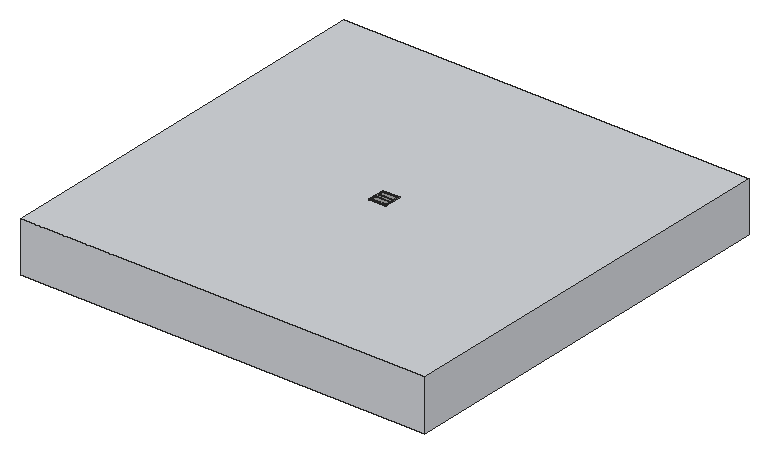
Revit family "LAMP_TRACE 100 IP65", category Modelos genéricos, Revit 2015
Parameters (values of type "68LM 3000 BLACK")
  Weight = 0.672 kg
  Type = "MID POWER OSRAM"
  Recessed dimensions = "107 x 135 x 112"
  Protection rating = "IP65 / IK07"
  Product datasheet = "http://www.lamp.es/product-files/TECH/TC110H0165SY830NB-EN.pdf"
  Product code = "TC110H0165SY830NB"
  Product URL = "https://www.lamp.es/en/family/trace-ip65_40800"
  Power Supply = "100-240V 50-60Hz"
  Power = 1 W
  Plum = 2.5 W
  Photometric web file = Cuerpo Trace 100 : 68LM 3000 BLACK
  Modelo = Product code  # "TC110H0165SY830NB"
  Manufacturer name = "LAMP"
  Manufacturer country = "Spain"
  Manufacturer URL = "http://www.lamp.es/en"
  MacAdam = "<3"
  Luminaire type = "Outdoor - Wall Mounted"
  Last update = "13/11/2020"
  Lamp = "MID-POWER LED"
  LED Lifetime = "100.000 L90 B10"
  Insulation class = "I"
  Installation instructions = "https://www.lamp.es/product-files/INS/1003820-A-INSTR.%20TRACE%20-%20IP%2065.pdf"
  Initial intensity = 68 lm
  Initial color = 3000 K
  IEE = "A++"
  Gear = "Electronic"
  Finish = "Cataphoresis"
  Fabricante = Manufacturer name  # "LAMP"
  Default Elevation = 1219.2 mm
  Efficacy = 27.2 lm/W
  Dimensions = "105 x 101 x 105"
  Descripción = "TRACE IP65 100 HOR 70 WW BK."
  CRI = "80"
Reference planes
  plane 1 "Centro (Frontal/Posterior)": y = 0
  plane 2: z = 0
  plane 3 "Centro (Izquierda/Derecha)": x = 0
Forms (mm)
  Extrusion 1, solid
    sketch origin (0, 0, 0) x (1, 0, 0) y (0, 1, 0)
      loop
        line (-1219.2, 1219.2) -> (-1219.2, -1219.2) -> (1219.2, -1219.2) -> (1219.2, 1219.2) -> (-1219.2, 1219.2)
    from 0 to -304.8
Text (mm)
  text "Any modification of the parameters and properties of the LAMP BIM models must be executed and validated by the LAMP technical department.\n\nPhone: +34 93 736 68 00\n\nE-mail: lamp@lamp.es\n\n\n\nLAMP reserves the right to modify the technical specifications of its products." at (12917.371, 14283.42, -14022.346), in view "Preview"
Dimensions and locks
  aligned and locked: plane 2 to Extrusion 1
  aligned and locked: level to Extrusion 1
Nested families
  nested 1: "Cuerpo Trace 100" at (0, 0, 1523.2) x (-1, 0, 0) z (0, 0, -1), type "68LM 3000 BLACK"
Connectors
  electrical at (0, 0, -75.8)
    settings: on nested 1, index 1, voltage 230 V, apparent load 0 VA, apparent load phase1 0 VA, apparent load phase2 0 VA, apparent load phase3 0 VA, power factor 1, load classification "Otro", number of poles 1, system type 31, power factor state 1, is connector primary yes, connector utility no, sub classification motor no, connector description ""
Definition of nested family "Cuerpo Trace 100"
  Parameters (values of type "68LM 3000 BLACK")
    Tilt Angle = 90.00°
    Wattage = 2.5 W
    built-in parameter 1150110 = 1 (stored number, unit not read)
    Material cuerpo = none
    Material cristal transparente = none
    Material cristal serigrafiado = none
    built-in parameter 1114217 = 1 (stored number, unit not read)
    built-in parameter 1150109 = 1 (stored number, unit not read)
    Default Elevation = 1219.2 mm
    built-in parameter 1150134 = (empty or 0)
    built-in parameter 1150113 = 1 (stored number, unit not read)
    Lumens = 68 lm
    built-in parameter 1150115 = 1 (stored number, unit not read)
    built-in parameter 1150105 = 5.4113 (stored number, unit not read)
    built-in parameter 1150137 = (empty or 0)
    built-in parameter 1150139 = (empty or 0)
    built-in parameter 1150112 = 1 (stored number, unit not read)
    built-in parameter 1150114 = 1 (stored number, unit not read)
    built-in parameter 1150132 = 2
    built-in parameter 1150102 = (empty or 0)
    built-in parameter 1150138 = (empty or 0)
    built-in parameter 1150107 = 3000 (stored number, unit not read)
    built-in parameter 1150106 = 0.054113 (stored number, unit not read)
    built-in parameter 1150104 = 2.527 (stored number, unit not read)
    Dimming Lamp Color Temperature Shift = (empty or 0)
    Color Filter = 16777215
    built-in parameter 1114218 = 1 (stored number, unit not read)
    Photometric Web File = "5641602.IES"
    built-in parameter 1150133 = 10 (stored number, unit not read)
  Reference planes
    plane 1 "Eje de origen de luz (F/P)": y = 0
    plane 2: z = 0
    plane 3 "Eje de origen de luz (I/D)": x = 0
    plane 4 "Elevación de origen de luz": z = 1500
  Forms (mm)
    Extrusion 1, solid, material <- "Material cristal serigrafiado"
      sketch origin (0, 0, 0) x (1, 0, 0) y (0, 0, 1)
        loop
          line (-51, 1520) -> (51, 1520) -> (51, 1523.2) -> (-51, 1523.2) -> (-51, 1520)
      from -51 to 51
    Extrusion 2, solid, material <- "Material cuerpo"
      sketch origin (0, 0, 0) x (1, 0, 0) y (0, 0, 1)
        loop
          line (-43.5, 1523.2) -> (43.5, 1523.2) -> (43.5, 1599) -> (-43.5, 1599) -> (-43.5, 1523.2)
      from -43 to 43
    Extrusion 3, void
      sketch origin (0, 0, 1500) x (0, -1, 0) y (1, 0, 0)
        loop
          line (-43.75, 0) -> (-43.75, -43.75) -> (-11.25, -43.75) -> (-11.25, 0) -> (-11.25, 43.75) -> (-43.75, 43.75) -> (-43.75, 0)
        loop
          line (43.75, 0) -> (43.75, 43.75) -> (11.25, 43.75) -> (11.25, 0) -> (11.25, -43.75) -> (43.75, -43.75) -> (43.75, 0)
      from 20 to 23.2
    Extrusion 4, solid, material <- "Material cristal transparente"
      sketch origin (0, 0, 1500) x (0, -1, 0) y (1, 0, 0)
        loop
          line (-11.25, -43.75) -> (-11.25, 0) -> (-11.25, 43.75) -> (-43.75, 43.75) -> (-43.75, 0) -> (-43.75, -43.75) -> (-11.25, -43.75)
        loop
          line (11.25, -43.75) -> (43.75, -43.75) -> (43.75, 0) -> (43.75, 43.75) -> (11.25, 43.75) -> (11.25, 0) -> (11.25, -43.75)
      from 20 to 23.2
    Extrusion 5, solid
      sketch origin (0, 0, 1500) x (0, -1, 0) y (1, 0, 0)
        loop
          line (50.364, -27.963) -> (44.636, -27.963)
          arc (44.636, -27.963) -> (44.317, -28.281) -> (44.636, -28.6) r 0.319
          line (44.636, -28.6) -> (49.44, -28.6) -> (49.44, -29.863) -> (44.759, -31.473)
          arc (44.759, -31.473) -> (44.351, -32.043) -> (44.759, -32.614) r 0.603
          line (44.759, -32.614) -> (49.487, -34.24)
          arc (49.487, -34.24) -> (49.729, -34.646) -> (49.368, -34.952) r 0.366
          line (49.368, -34.952) -> (44.938, -34.952)
          arc (44.938, -34.952) -> (44.296, -35.414) -> (44.53, -36.17) r 0.678
          line (44.53, -36.17) -> (45.547, -37.187) -> (44.53, -38.204)
          arc (44.53, -38.204) -> (44.296, -38.96) -> (44.938, -39.422) r 0.678
          line (44.938, -39.422) -> (49.44, -39.422) -> (49.44, -40.668) -> (44.351, -40.668) -> (44.351, -43.855) -> (47.219, -43.855) -> (47.219, -41.699)
          arc (47.219, -41.699) -> (46.901, -41.38) -> (46.582, -41.699) r 0.319
          line (46.582, -41.699) -> (46.582, -43.218) -> (44.989, -43.218) -> (44.989, -41.306) -> (50.364, -41.306) -> (50.364, -38.774) -> (45.029, -38.774) -> (46.616, -37.187) -> (45.029, -35.6) -> (50.323, -35.6) -> (50.323, -33.854) -> (45.061, -32.043) -> (50.364, -30.219) -> (50.364, -27.963)
      from 19 to 20
    Extrusion 6, void
      sketch origin (0, 0, 0) x (0, 1, 0) y (0, 0, 1)
        loop
          arc (0, 1555.912) -> (-13.412, 1552.966) -> (-24.354, 1544.67) r 32
          line (-24.354, 1544.67) -> (-40.239, 1523.59)
          arc (-40.239, 1523.59) -> (-41.332, 1523.251) -> (-42, 1524.179) r 0.979
          line (-42, 1524.179) -> (-42, 1518.171) -> (42, 1518.171) -> (42, 1524.179)
          arc (42, 1524.179) -> (41.332, 1523.251) -> (40.239, 1523.59) r 0.979
          line (40.239, 1523.59) -> (24.354, 1544.67)
          arc (24.354, 1544.67) -> (13.412, 1552.966) -> (0, 1555.912) r 32
      from -42.628 to 42.64
  Cuts and joins
    Extrusion 3 cuts Extrusion 1
    Extrusion 6 cuts Extrusion 2
  Dimensions and locks
    aligned and locked: plane 3 "Eje de origen de luz (I/D)" to imposter light
    aligned and locked: plane 1 "Eje de origen de luz (F/P)" to imposter light
    aligned and locked: plane 4 "Elevación de origen de luz" to imposter light
    aligned and locked: level to plane 2
